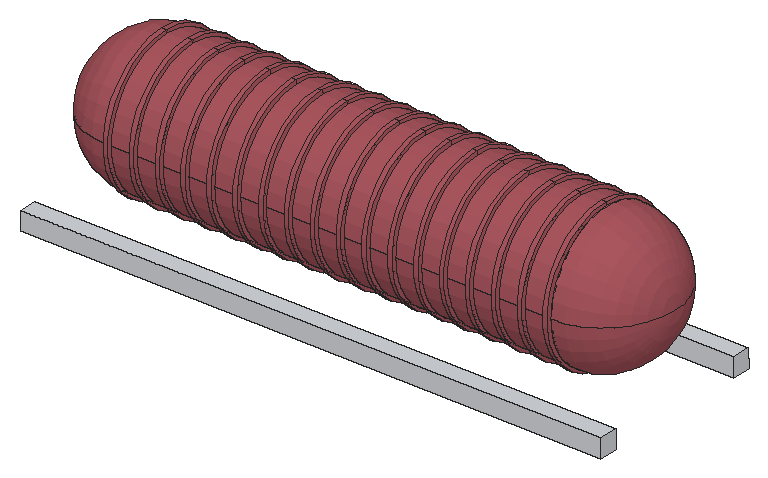
Revit family "Fluid-Storage_Petroleum-Tank_Xerxes_Multi-Compartment", category Generic Models, Revit 2026
Family settings
  Can host rebar = No
  Round Connector Dimension = Use Diameter
  Part Type = Normal
  Classification Number = 23.65.20.11
  Work Plane-Based = Yes
  Always vertical = No
  Cut with Voids When Loaded = No
  Maintain Annotation Orientation = No
  Shared = No
  Room Calculation Point = No
Parameters
  ribcountcontrol = if(Rib Count < 2, 2, Rib Count)  # 18
  Warranty Duration (Years) = 0
  Unit Weight Notes = "Unit Weight refers to empty tank only."  # constant formula
  Unit Weight = 0
  Unit Length = 31' - 6 1/2"
  URL = "http://www.xerxes.com/"
  Tank Diameter Without Ribs = 7' - 8"
  Standards Conformance = "as Specified"
  Specification = "http://www.arcat.com/sdspecs/htm04/33_16_00xer.htm"
  SpecWizard = "http://www.arcat.com/specwizard/clients/xerxes.html?coid=36629"
  Small Size Resevoir Fitting = no
  Send Message = ""
  Sales Information = "http://www.xerxes.com/contact.html?country=US&productType=Petroleum%20Products"
  Ribs = not(and(Diameter = 4' 0", Unit Length < 10' 0"))  # yes
  Rib Inset = 3' - 10"
  Rib Count = 18
  Revision = "R1_2015-07"
  Product Properties = ""
  Product Data = "http://www.arcat.com/arcatcos/cos36/arc36629.html"
  Model = "As Specified"
  Manufacturer Website = "http://www.xerxes.com/"
  Manufacturer Phone - Toll Free = ""
  Manufacturer Phone = "952-887-1890"
  Manufacturer Fax = "952-887-1882"
  Manufacturer Address = "7901 Xerxes Ave. S.   Minneapolis, MN 55431"
  Manufacturer = "Xerxes Corporation"
  Maintenance Schedule (Months) = 0
  Keynote = "13200"
  Installation-Fabrication = ""
  Installation Phase = ""
  Include Deadmen Anchor [instance] = yes
  Green Building-LEED = ""
  Fuel Type [instance] = "as Specified"
  Exterior Finish [instance] = Plastic - Fiberglass - Xerxes - Signature Red
  Expected Lifespan (Years) = 0
  End Length = 3' - 7 3/4"
  Drawn By = "Sumex Design, Inc. / Robert S. Weygant, CSI, CDT, SCIP"
  Double Wall Tank_Dry Monitored [instance] = no
  Double Wall Tank_Brine Monitored [instance] = no
  Double Wall Tank Notes [instance] = "Brine Monitored Tanks will weigh more than Dry Monitored."  # constant formula
  Diameter = 8' - 0"
  Description = "Xerxes Petroleum Tank as Specified"
  Default Elevation = 0' - 0"
  Copyright = "©Arcat Inc."
  Construction Details = "http://www.arcat.com/details/xerxes/xerxes.html?coid=36629"
  Capacity = "as Specified"
  Brine Weight = 0
  Available LEED Credit = "as Specified"
  Assembly Code = "G30"
  Actual Capacity Tank Section 3 = 0
  Actual Capacity Tank Section 2 = 0
  Actual Capacity Tank Section 1 = 0
Reference planes (in)
  plane 1 "Center (Front/Back)": y = 0
  plane 2 "Bottom": z = 0
  plane 3 "Center (Left/Right)": x = 0
  plane 4 "Front": y = -46
  plane 5 "Back": y = 46
  plane 6 "Left": x = -189.25
  plane 7 "Right": x = 189.25
  plane 8 "Top": z = 92
  plane 9: x = -145.5
  plane 10: x = 145.5
  plane 11: z = 46
  plane 12: x = -143.25
  plane 13: x = 143.25
  plane 14: z = 94
  plane 15: z = -2
Forms (in)
  Revolve 1, solid, material "Plastic - Fiberglass - Xerxes - Signature Red" <- "Exterior Finish"
    sketch origin (-43.59721, -180, 46) x (-1, 0, 0) y (0, -1, 0)
      loop
        spline (101.90279, -226) -> (107.61331, -225.60646) -> (113.22612, -224.43259) -> (118.64519, -222.49846) -> (123.77779, -219.83717) -> (128.5361, -216.49425) -> (132.83871, -212.52691) -> (136.612, -208.00303) -> (139.7914, -203) -> (142.32252, -197.60344) -> (144.16205, -191.90568) -> (145.2785, -186.0042) -> (145.65279, -180)
        line (145.65279, -180) -> (-232.84721, -180)
        spline (-232.84721, -180) -> (-232.47292, -186.0042) -> (-231.35646, -191.90568) -> (-229.51694, -197.60344) -> (-226.98582, -203) -> (-223.80642, -208.00303) -> (-220.03313, -212.52691) -> (-215.73052, -216.49425) -> (-210.97221, -219.83717) -> (-205.83961, -222.49846) -> (-200.42054, -224.43259) -> (-194.80773, -225.60646) -> (-189.09721, -226)
        line (-189.09721, -226) -> (101.90279, -226)
      axis (145.65279, -180) -> (-232.84721, -180)
    angle from 0 to 360
  Revolve 2, solid, material "Plastic - Fiberglass - Xerxes - Signature Red" <- "Exterior Finish", visible <- "Small Size Resevoir Fitting"
    sketch origin (0, 0, 0) x (1, 0, 0) y (0, 0, 1)
      loop
        line (-192.5, 0) -> (-186, 0) -> (-186, 78.4375) -> (-192.5, 78.4375) -> (-192.5, 0)
      axis (-186, 78.4375) -> (-186, 0)
    angle from 0 to 360
  Revolve 3, solid, material "Plastic - Fiberglass - Xerxes - Signature Red" <- "Exterior Finish", visible <- "Double Wall Tank_Dry Monitored"
    sketch origin (0, 0, 0) x (1, 0, 0) y (0, 0, 1)
      loop
        line (137.125, 92) -> (137.125, 46) -> (143.25, 46) -> (143.25, 96.18116) -> (140.37476, 96.18116) -> (140.37476, 94.68116) -> (139.37476, 94.68116) -> (137.125, 92)
      axis (143.25, 96.18116) -> (143.25, 46)
    angle from 0 to 360
  Revolve 4, solid, material "Plastic - Fiberglass - Xerxes - Signature Red" <- "Exterior Finish", visible <- "Double Wall Tank_Brine Monitored"
    sketch origin (0, 0, 0) x (1, 0, 0) y (0, 0, 1)
      loop
        line (143.25, 46) -> (143.25, 106.5) -> (140.37476, 106.5) -> (140.37476, 105) -> (133.75, 105) -> (133.75, 46) -> (143.25, 46)
      axis (143.25, 106.5) -> (143.25, 46)
    angle from 0 to 360
Dimensions and locks (in)
  equal spacing: plane 6 "Left", plane 3 "Center (Left/Right)", plane 7 "Right"
  "Unit Length": plane 6 "Left" to plane 7 "Right"
  equal spacing: plane 5 "Back", plane 1 "Center (Front/Back)", plane 4 "Front"
  "Tank Diameter Without Ribs": plane 5 "Back" to plane 4 "Front"
  "Tank Diameter Without Ribs": plane 8 "Top" to level
  "End Length": plane 6 "Left" to plane 9
  "End Length": plane 10 to plane 7 "Right"
  locked: plane 6 "Left" to Revolve 1 sketch curve at 0
  locked: plane 7 "Right" to Revolve 1 sketch curve at 0
  equal spacing: plane 8 "Top", plane 11, level
  "Rib Inset": plane 6 "Left" to plane 12
  "Rib Inset": plane 13 to plane 7 "Right"
  equal spacing: group 1, group 3, group 4, group 5, group 6, group 7, group 8, group 9, group 10, group 11, group 12, group 13, group 14, group 15, group 16, group 17, group 18, group 2  (x3)
  locked: Revolve 2 sketch curve to plane 11 at 32.4375
  locked: Revolve 2 sketch curve to plane 6 "Left" at 3.25
  Revolve 2 sketch curve to plane 6 "Left" to Revolve 2 sketch curve = 0' - 3 1/4" locked, 0' - 3 1/4" locked
  equal spacing: plane 14, plane 11, plane 15
  "Diameter": plane 14 to plane 15
  Revolve 3 sketch curve to Revolve 3 sketch curve to plane 8 "Top" to Revolve 3 sketch curve = 0' - 1 1/2" locked, 0' - 2.68116" locked, 0' - 0" locked
  Revolve 4 sketch curve to Revolve 4 sketch curve to plane 8 "Top" = 0' - 1 1/2" locked, 1' - 1" locked
  aligned and locked: Revolve 1 sketch curve to plane 1 "Center (Front/Back)"
  aligned and locked: Revolve 1 sketch curve to plane 5 "Back"
  aligned and locked: Revolve 1 sketch curve to plane 10
  aligned and locked: Revolve 1 sketch curve to plane 9
  aligned and locked: nested 2 to plane 13
  aligned and locked: nested 1 to plane 12
  aligned and locked: plane 3 "Center (Left/Right)" to nested 4
  aligned and locked: Revolve 3 sketch curve to plane 13
  aligned and locked: Revolve 4 sketch curve to plane 13
  aligned and locked: plane 11 to Revolve 3 sketch curve
  aligned and locked: Revolve 4 sketch curve to plane 11
Automatic sketch dimensions
  plane 1 "Center (Front/Back)" to Revolve 1 sketch curve = 0' - 0"
  Revolve 1 sketch curve to Revolve 1 sketch curve = 0' - 4"
  Revolve 1 sketch curve to plane 6 "Left" = 0' - 5"
  Revolve 2 sketch curve to level = 0' - 0"
  Revolve 2 sketch curve to level = 0' - 4 9/16"
  Revolve 2 sketch curve to Revolve 2 sketch curve = 0' - 0"
  Revolve 3 sketch curve to plane 13 = 0' - 2.87524"
  Revolve 3 sketch curve to Revolve 3 sketch curve = 0' - 1"
  Revolve 3 sketch curve to Revolve 3 sketch curve = 0' - 2.24976"
  Revolve 3 sketch curve to plane 8 "Top" = 0' - 3 1/2"
  Revolve 3 sketch curve to Revolve 3 sketch curve = 0' - 0.06884"
  Revolve 3 sketch curve to plane 13 = 0' - 0"
  Revolve 4 sketch curve to plane 13 = 0' - 0"
  Revolve 4 sketch curve to Revolve 4 sketch curve = 0' - 2.87524"
  Revolve 4 sketch curve to Revolve 4 sketch curve = 0' - 6.62476"
  Revolve 4 sketch curve to Revolve 4 sketch curve = 0' - 2 1/2"
  Revolve 4 sketch curve to plane 8 "Top" = 0' - 7 3/4"
Nested families (in)
  nested 1: "Ribs" at (-143.25, 0, 0) x (0, 1, 0) z (0, 0, 1), Diameter <- "Tank Diameter Without Ribs", visible <- "Ribs", finish <- "Exterior Finish", outer diameter <- "Diameter", type "Ribs"
    with rib height 0' - 2", outer diameter 8' - 0", finish Plastic - Fiberglass - Xerxes - Signature Red, Diameter 7' - 8"
  nested 2: "Ribs" at (143.25, 0, 0) x (0, 1, 0) z (0, 0, 1), Diameter <- "Tank Diameter Without Ribs", visible <- "Ribs", finish <- "Exterior Finish", outer diameter <- "Diameter", type "Ribs"
    with rib height 0' - 2", outer diameter 8' - 0", finish Plastic - Fiberglass - Xerxes - Signature Red, Diameter 7' - 8"
  nested 3: "Ribs" at (-126.39706, 0, 0) x (0, 1, 0) z (0, 0, 1), Diameter <- "Tank Diameter Without Ribs", visible <- "Ribs", finish <- "Exterior Finish", outer diameter <- "Diameter", type "Ribs"
    with rib height 0' - 2", outer diameter 8' - 0", finish Plastic - Fiberglass - Xerxes - Signature Red, Diameter 7' - 8"
  nested 4: "Fluid-Storage_Tank-Accessory_Xerxes_Deadmen" at (0, 0, -2) x (1, 0, 0) z (0, 0, -1), Unit Length <- "Unit Length", Space Between Deadmen <- "Diameter", visible <- "Include Deadmen Anchor", type "Fluid-Storage_Tank-Accessory_Xerxes_Deadmen"
    with Unit Width 1' - 0", Unit Length 31' - 6 1/2", Unit Height 1' - 0", Space Between Deadmen 8' - 0", Lower Diameter Tanks yes, Higher Diameter Tanks no
  nested 5: "Ribs" at (-109.54412, 0, 0) x (0, 1, 0) z (0, 0, 1), Diameter <- "Tank Diameter Without Ribs", visible <- "Ribs", finish <- "Exterior Finish", outer diameter <- "Diameter", type "Ribs"
    with rib height 0' - 2", outer diameter 8' - 0", finish Plastic - Fiberglass - Xerxes - Signature Red, Diameter 7' - 8"
  nested 6: "Ribs" at (-92.69118, 0, 0) x (0, 1, 0) z (0, 0, 1), Diameter <- "Tank Diameter Without Ribs", visible <- "Ribs", finish <- "Exterior Finish", outer diameter <- "Diameter", type "Ribs"
    with rib height 0' - 2", outer diameter 8' - 0", finish Plastic - Fiberglass - Xerxes - Signature Red, Diameter 7' - 8"
  nested 7: "Ribs" at (-75.83824, 0, 0) x (0, 1, 0) z (0, 0, 1), Diameter <- "Tank Diameter Without Ribs", visible <- "Ribs", finish <- "Exterior Finish", outer diameter <- "Diameter", type "Ribs"
    with rib height 0' - 2", outer diameter 8' - 0", finish Plastic - Fiberglass - Xerxes - Signature Red, Diameter 7' - 8"
  nested 8: "Ribs" at (-58.98529, 0, 0) x (0, 1, 0) z (0, 0, 1), Diameter <- "Tank Diameter Without Ribs", visible <- "Ribs", finish <- "Exterior Finish", outer diameter <- "Diameter", type "Ribs"
    with rib height 0' - 2", outer diameter 8' - 0", finish Plastic - Fiberglass - Xerxes - Signature Red, Diameter 7' - 8"
  nested 9: "Ribs" at (-42.13235, 0, 0) x (0, 1, 0) z (0, 0, 1), Diameter <- "Tank Diameter Without Ribs", visible <- "Ribs", finish <- "Exterior Finish", outer diameter <- "Diameter", type "Ribs"
    with rib height 0' - 2", outer diameter 8' - 0", finish Plastic - Fiberglass - Xerxes - Signature Red, Diameter 7' - 8"
  nested 10: "Ribs" at (-25.27941, 0, 0) x (0, 1, 0) z (0, 0, 1), Diameter <- "Tank Diameter Without Ribs", visible <- "Ribs", finish <- "Exterior Finish", outer diameter <- "Diameter", type "Ribs"
    with rib height 0' - 2", outer diameter 8' - 0", finish Plastic - Fiberglass - Xerxes - Signature Red, Diameter 7' - 8"
  nested 11: "Ribs" at (-8.42647, 0, 0) x (0, 1, 0) z (0, 0, 1), Diameter <- "Tank Diameter Without Ribs", visible <- "Ribs", finish <- "Exterior Finish", outer diameter <- "Diameter", type "Ribs"
    with rib height 0' - 2", outer diameter 8' - 0", finish Plastic - Fiberglass - Xerxes - Signature Red, Diameter 7' - 8"
  nested 12: "Ribs" at (8.42647, 0, 0) x (0, 1, 0) z (0, 0, 1), Diameter <- "Tank Diameter Without Ribs", visible <- "Ribs", finish <- "Exterior Finish", outer diameter <- "Diameter", type "Ribs"
    with rib height 0' - 2", outer diameter 8' - 0", finish Plastic - Fiberglass - Xerxes - Signature Red, Diameter 7' - 8"
  nested 13: "Ribs" at (25.27941, 0, 0) x (0, 1, 0) z (0, 0, 1), Diameter <- "Tank Diameter Without Ribs", visible <- "Ribs", finish <- "Exterior Finish", outer diameter <- "Diameter", type "Ribs"
    with rib height 0' - 2", outer diameter 8' - 0", finish Plastic - Fiberglass - Xerxes - Signature Red, Diameter 7' - 8"
  nested 14: "Ribs" at (42.13235, 0, 0) x (0, 1, 0) z (0, 0, 1), Diameter <- "Tank Diameter Without Ribs", visible <- "Ribs", finish <- "Exterior Finish", outer diameter <- "Diameter", type "Ribs"
    with rib height 0' - 2", outer diameter 8' - 0", finish Plastic - Fiberglass - Xerxes - Signature Red, Diameter 7' - 8"
  nested 15: "Ribs" at (58.98529, 0, 0) x (0, 1, 0) z (0, 0, 1), Diameter <- "Tank Diameter Without Ribs", visible <- "Ribs", finish <- "Exterior Finish", outer diameter <- "Diameter", type "Ribs"
    with rib height 0' - 2", outer diameter 8' - 0", finish Plastic - Fiberglass - Xerxes - Signature Red, Diameter 7' - 8"
  nested 16: "Ribs" at (75.83824, 0, 0) x (0, 1, 0) z (0, 0, 1), Diameter <- "Tank Diameter Without Ribs", visible <- "Ribs", finish <- "Exterior Finish", outer diameter <- "Diameter", type "Ribs"
    with rib height 0' - 2", outer diameter 8' - 0", finish Plastic - Fiberglass - Xerxes - Signature Red, Diameter 7' - 8"
  nested 17: "Ribs" at (92.69118, 0, 0) x (0, 1, 0) z (0, 0, 1), Diameter <- "Tank Diameter Without Ribs", visible <- "Ribs", finish <- "Exterior Finish", outer diameter <- "Diameter", type "Ribs"
    with rib height 0' - 2", outer diameter 8' - 0", finish Plastic - Fiberglass - Xerxes - Signature Red, Diameter 7' - 8"
  nested 18: "Ribs" at (109.54412, 0, 0) x (0, 1, 0) z (0, 0, 1), Diameter <- "Tank Diameter Without Ribs", visible <- "Ribs", finish <- "Exterior Finish", outer diameter <- "Diameter", type "Ribs"
    with rib height 0' - 2", outer diameter 8' - 0", finish Plastic - Fiberglass - Xerxes - Signature Red, Diameter 7' - 8"
  nested 19: "Ribs" at (126.39706, 0, 0) x (0, 1, 0) z (0, 0, 1), Diameter <- "Tank Diameter Without Ribs", visible <- "Ribs", finish <- "Exterior Finish", outer diameter <- "Diameter", type "Ribs"
    with rib height 0' - 2", outer diameter 8' - 0", finish Plastic - Fiberglass - Xerxes - Signature Red, Diameter 7' - 8"
Definition of nested family "Ribs"
  Parameters
    rib height [instance] = (outer diameter - Diameter) / 2  # 1' - 0.28415"
    outer diameter [instance] = 4' - 5"
    finish [instance] = none
    Diameter [instance] = 2' - 4.4317"
    Default Elevation = 0' - 0"
    Assembly Code = ""
  Reference planes (in)
    plane 1 "Center (Front/Back)": y = 0
    plane 2: z = 0
    plane 3 "Center (Left/Right)": x = 0
    plane 4: z = 28.4317
    plane 5: z = 40.71585
    plane 6: z = -12.28415
  Forms (in)
    Revolve 1, solid, material <- "finish"
      sketch origin (0, 0, 0) x (0, 1, 0) y (0, 0, 1)
        loop
          line (-1.45594, -12.28415) -> (1.45594, -12.28415) -> (1.75, 0) -> (-1.75, 0) -> (-1.45594, -12.28415)
        axis (-1.75, 14.21585) -> (1.75, 14.21585)
      angle from 0 to 360
  Dimensions and locks (in)
    "Diameter": plane 4 to level
    equal spacing: plane 4, Revolve 1 sketch curve, level
    "rib height": plane 5 to plane 4
    "rib height": level to plane 6
    aligned and locked: plane 2 to level
    aligned and locked: plane 6 to Revolve 1 sketch curve
  Automatic sketch dimensions
    Revolve 1 sketch curve to level = 0' - 0"
    plane 1 "Center (Front/Back)" to Revolve 1 sketch curve = 1' - 2.96287"
    plane 1 "Center (Front/Back)" to Revolve 1 sketch curve = 0' - 1 3/4"
    Revolve 1 sketch curve to Revolve 1 sketch curve = 0' - 0.29406"  (x2)
    Revolve 1 sketch curve to plane 1 "Center (Front/Back)" = 0' - 1.45594"
    Revolve 1 sketch curve to plane 1 "Center (Front/Back)" = 1' - 1.03713"
Definition of nested family "Fluid-Storage_Tank-Accessory_Xerxes_Deadmen"
  Parameters
    Warranty Duration (Years) = 0
    Unit Width [instance] = if(Space Between Deadmen < 10' 0", 1' 0", 1' 6")  # 1' - 0"
    Unit Weight = 0
    Unit Length [instance] = 6' - 0"
    Unit Height [instance] = if(Space Between Deadmen < 10' 0", 1' 0", 0' 8 3/4")  # 1' - 0"
    URL = ""
    Specification = ""
    SpecWizard = ""
    Space Between Deadmen [instance] = 2' - 8"
    Send Message = ""
    Sales Information = ""
    Revision = "R1_01-2014"
    Product Properties = ""
    Product Data = ""
    Model = "As Specified"
    Manufacturer Website = ""
    Manufacturer Phone - Toll Free = ""
    Manufacturer Phone = ""
    Manufacturer Fax = ""
    Manufacturer Address = ""
    Manufacturer = ""
    Maintenance Schedule (Months) = 0
    Lower Diameter Tanks [instance] = Space Between Deadmen < 10' 0"  # yes
    Keynote = ""
    Installation-Fabrication = ""
    Installation Phase = ""
    Higher Diameter Tanks [instance] = not(Space Between Deadmen < 10' 0")  # no
    Green Building-LEED = ""
    Expected Lifespan (Years) = 0
    Drawn By = "Sumex Design, Inc. / Robert S. Weygant, CSI, CDT, SCIP"
    Description = ""
    Default Elevation = 0' - 0"
    Copyright = "©Arcat Inc."
    Construction Details = ""
    Assembly Code = ""
  Reference planes (in)
    plane 1 "Center (Front/Back)": y = 0
    plane 2 "Bottom": z = 0
    plane 3 "Center (Left/Right)": x = 0
    plane 4 "Front": y = -16
    plane 5 "Back": y = 16
    plane 6 "Left": x = -36
    plane 7 "Right": x = 36
  Forms (in)
    Extrusion 1, solid, visible <- "Lower Diameter Tanks"
      sketch origin (0, 0, 0) x (0, 1, 0) y (0, 0, 1)
        loop
          line (-28, 12) -> (-28, 0) -> (-16, 0) -> (-16, 12) -> (-28, 12)
        loop
          line (16, 12) -> (16, 0) -> (28, 0) -> (28, 12) -> (16, 12)
      from -36 to 36
    Extrusion 2, solid, visible <- "Higher Diameter Tanks"
      sketch origin (0, 0, 0) x (0, 1, 0) y (0, 0, 1)
        loop
          line (16, 8.75) -> (16, 2.88675) -> (21, 0) -> (29, 0) -> (34, 2.88675) -> (34, 8.75) -> (16, 8.75)
        loop
          line (-16, 8.75) -> (-34, 8.75) -> (-34, 2.88675) -> (-29, 0) -> (-21, 0) -> (-16, 2.88675) -> (-16, 8.75)
      from -36 to 36
  Dimensions and locks (in)
    equal spacing: plane 6 "Left", plane 3 "Center (Left/Right)", plane 7 "Right"
    "Unit Length": plane 6 "Left" to plane 7 "Right"
    equal spacing: plane 5 "Back", plane 1 "Center (Front/Back)", plane 4 "Front"
    "Space Between Deadmen": plane 5 "Back" to plane 4 "Front"
    locked: Extrusion 1 sketch curve to plane 4 "Front" at 12
    locked: plane 5 "Back" to Extrusion 1 sketch curve at 12
    locked: Extrusion 1 sketch curve to level at 12  (x2)
    Extrusion 2 sketch curve to Extrusion 2 sketch curve to Extrusion 2 sketch curve to plane 4 "Front" = 0' - 5" locked, 0' - 8" locked, 0' - 5" locked
    plane 5 "Back" to Extrusion 2 sketch curve to Extrusion 2 sketch curve to Extrusion 2 sketch curve = 0' - 5" locked, 0' - 8" locked, 0' - 5" locked
    aligned and locked: plane 7 "Right" to Extrusion 1
    aligned and locked: Extrusion 1 to plane 6 "Left"
    aligned and locked: Extrusion 2 to plane 7 "Right"
    aligned and locked: Extrusion 2 to plane 6 "Left"
  Automatic sketch dimensions
    Extrusion 1 sketch curve to level = 0' - 0"  (x2)
    Extrusion 1 sketch curve to plane 4 "Front" = 0' - 0"
    Extrusion 1 sketch curve to plane 5 "Back" = 0' - 0"
    level to Extrusion 2 sketch curve = 0' - 8 3/4"
    Extrusion 2 sketch curve to plane 4 "Front" = 0' - 0"
    Extrusion 2 sketch curve to plane 5 "Back" = 0' - 0"
    level to Extrusion 2 sketch curve = 0' - 2.88675"  (x2)
    Extrusion 2 sketch curve to Extrusion 2 sketch curve = 0' - 5.86325"  (x2)
    Extrusion 2 sketch curve to Extrusion 2 sketch curve = 0' - 2.88675"  (x2)
    Extrusion 2 sketch curve to level = 0' - 0"
